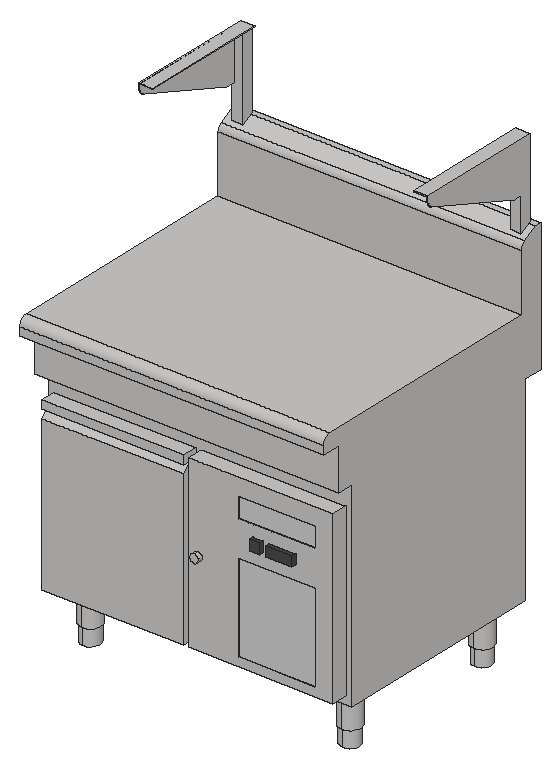
Revit family "QF_MOFFAT WALDORF_BT8900S-RB", category Specialty Equipment, Revit 2012
Parameters
  Weight in Pounds = 266.759  # constant formula
  Width [instance] = 900.00 mm  # constant formula
  Watts = 250 W
  Volts = 240 V
  URL Cutsheet = "www.moffat.com"
  URL = "www.moffat.com"
  Type Mark [instance] = ""
  Status [instance] = ""
  Specification by User [instance] = ""
  Specification by Manufacturer = ""
  Show Clearance [instance] = yes
  Show Casters [instance] = no
  Serial Number = ""
  Seismic Rating = ""
  SMACNA No = ""
  Revision Code [instance] = ""
  Refrigerant Type = "R134a"
  Phase = 1
  Omniclass Number and Title = ""
  Number of Poles = 1
  NAFEM Spec ID Number = ""
  Model = "BT8900S-RB"
  Min Ckt Ampacity = 0 A
  Max Overcurrent Protection = 0 A
  Masterspec = ""
  Manufacturer = "MOFFAT WALDORF"
  Legs [instance] = not(Show Casters)  # yes
  Item Number [instance] = ""
  Installed By [instance] = ""
  Identify Quantity as Lot [instance] = yes
  Height = 1130.00 mm  # constant formula
  HP = ""
  Furnished By [instance] = ""
  Foodservice Equipment Identifier [instance] = yes
  FL Amps = 1.8 A
  Elec Conn RI Height = 0.00 mm
  Elec Conn Connection Height = 0.00 mm
  Description = "BENCH TOP FOR SALAMANDER ON REFRIGERATED BASE"
  Depth [instance] = 805.00 mm  # constant formula
  Cycle = 50 Hz
  Conn Plug = ""
  Conn Conduit = yes
  CSI MasterFormat = ""
  CSI Master Format = ""
  Body Finish = QF_Finishes_Stainless Steel
  Back Splash [instance] = 215.00 mm  # constant formula
  Apparent Power = if(Phase = 3, Volts * FL Amps * 1.73, Volts * FL Amps)  # 432 VA
Reference planes
  plane 1 "BACK": y = 0
  plane 2: z = 0
  plane 3 "LEFT": x = 0
  plane 4 "RIGHT": x = 900
  plane 5 "FRONT": y = -805
  plane 6 "TOP": z = 1130
  plane 7 "Center Y": x = 450
  plane 8 "Center X": y = -402.5
  plane 9 "Base Height": z = 150
  plane 10: z = 915
  plane 11: x = 65
  plane 12: x = 834.938
  plane 13: y = -625
  plane 14: z = 420
  plane 15: y = -135
Forms (mm)
  Extrusion 1, solid, material "QF_Finishes_Stainless Steel" <- "Body Finish"
    sketch origin (0, 0, 0) x (0, 1, 0) y (0, 0, 1)
      loop
        line (-699, 740) -> (-699, 150) -> (-57, 150) -> (-57, 740) -> (0, 740) -> (0, 1130) -> (-16.5, 1130) -> (-58, 1106.04)
        arc (-58, 1106.04) -> (-66.785, 1097.255) -> (-70, 1085.255) r 24
        line (-70, 1085.255) -> (-70, 915) -> (-781, 915)
        arc (-781, 915) -> (-797.971, 907.971) -> (-805, 891) r 24
        line (-805, 891) -> (-805, 866) -> (-749, 866) -> (-749, 740) -> (-699, 740)
    from 0 to 900
  Revolve 2, solid, material "QF_Finishes_Stainless Steel" <- "Body Finish", visible <- "Legs"
    sketch origin (65, -200, 0) x (0, 1, 0) y (0, 0, 1)
      loop
        line (33.25, 150) -> (33.25, 50) -> (37.5, 50) -> (37.5, 0) -> (65, 0) -> (65, 150) -> (33.25, 150)
      axis (65, 150) -> (65, 0)
    angle from 0 to 360
  Revolve 3, solid, material "QF_Finishes_Stainless Steel" <- "Body Finish"
    sketch origin (65, -735, 0) x (0, 1, 0) y (0, 0, 1)
      loop
        line (78.25, 150) -> (78.25, 50) -> (82.5, 50) -> (82.5, 0) -> (110, 0) -> (110, 150) -> (78.25, 150)
      axis (110, 150) -> (110, 0)
    angle from 0 to 360
  Revolve 4, solid, material "QF_Finishes_Stainless Steel" <- "Body Finish", visible <- "Legs"
    sketch origin (834.938, -200, 0) x (0, 1, 0) y (0, 0, -1)
      loop
        line (33.25, -150) -> (65, -150) -> (65, 0) -> (37.5, 0) -> (37.5, -50) -> (33.25, -50) -> (33.25, -150)
      axis (65, -150) -> (65, 0)
    angle from 0 to 360
  Revolve 5, solid, material "QF_Finishes_Stainless Steel" <- "Body Finish"
    sketch origin (834.938, -735, 0) x (0, 1, 0) y (0, 0, -1)
      loop
        line (78.25, -150) -> (110, -150) -> (110, 0) -> (82.5, 0) -> (82.5, -50) -> (78.25, -50) -> (78.25, -150)
      axis (110, -150) -> (110, 0)
    angle from 0 to 360
  Extrusion 6, solid, material "QF_Finishes_Stainless Steel" <- "Body Finish"
    sketch origin (0, -70, 1085.255) x (0, 0, -1) y (1, 0, 0)
      loop
        line (400.255, 850) -> (400.255, 50) -> (842.755, 50) -> (842.755, 850) -> (400.255, 850)
      loop
        line (345.255, 0) -> (862.755, 0) -> (862.755, 900) -> (345.255, 900) -> (345.255, 0)
    from 0 to 629
  Extrusion 7, solid, material "QF_Finishes_Stainless Steel" <- "Body Finish"
    sketch origin (0, 0, 0) x (0, 1, 0) y (0, 0, 1)
      loop
        line (-747, 678) -> (-747, 653) -> (-722, 653) -> (-747, 628) -> (-747, 173.1) -> (-702.18, 173.1) -> (-702.18, 678) -> (-747, 678)
    from 19 to 439
  Extrusion 8, solid, material "QF_Finishes_Stainless Steel" <- "Body Finish"
    sketch origin (0, -699, 1085.255) x (0, 0, -1) y (1, 0, 0)
      loop
        line (408.155, 881) -> (408.155, 453) -> (912.155, 453) -> (912.155, 881) -> (408.155, 881)
      loop
        line (887.155, 831) -> (622.155, 831) -> (622.155, 601) -> (887.155, 601) -> (887.155, 831)
      loop
        line (458.155, 831) -> (458.155, 601) -> (518.155, 601) -> (518.155, 831) -> (458.155, 831)
    from 0 to 48
  Extrusion 9, solid, material "QF_Finishes_Vents"
    sketch origin (0, -699, 1085.255) x (0, 0, 1) y (1, 0, 0)
      loop
        line (-518.155, 601) -> (-458.155, 601) -> (-458.155, 831) -> (-518.155, 831) -> (-518.155, 601)
      loop
        line (-622.155, 601) -> (-622.155, 831) -> (-887.155, 831) -> (-887.155, 601) -> (-622.155, 601)
    from 0 to -44.529
  Extrusion 10, solid, material "QF_Finishes_Black"
    sketch origin (0, -747, 1085.255) x (0, 0, -1) y (1, 0, 0)
      loop
        line (552.615, 644.926) -> (582.615, 644.926) -> (582.615, 674.926) -> (552.615, 674.926) -> (552.615, 644.926)
      loop
        line (552.615, 692.503) -> (582.615, 692.503) -> (582.615, 770.815) -> (552.615, 770.815) -> (552.615, 692.503)
    from 0 to 12.7
  Extrusion 11, solid, material "QF_Finishes_Stainless Steel"
    sketch origin (0, -747, 1085.255) x (0, 0, -1) y (1, 0, 0)
      loop
        circle (661.385, 480.856) r 12.395
    from 0 to 12.7
  Extrusion 12, solid, material "QF_Finishes_Stainless Steel"
    sketch origin (-144.5, -57, 740) x (0, 0, -1) y (-1, 0, 0)
      loop
        circle (320, -762.653) r 10
    from 0 to 1.993
  Extrusion 13, solid, material "QF_Finishes_Stainless Steel" <- "Body Finish"
    sketch origin (0, 0, 0) x (0, 1, 0) y (0, 0, 1)
      loop
        line (-13, 1362.5) -> (-45, 1362.5) -> (-45, 1113.546) -> (-16.5, 1130) -> (-13, 1130) -> (-13, 1362.5)
    from 21.5 to 53.5
  Extrusion 14, solid, material "QF_Finishes_Stainless Steel" <- "Body Finish"
    sketch origin (0, 0, 0) x (0, 1, 0) y (0, 0, 1)
      loop
        line (-391, 1365) -> (-391, 1352.344)
        arc (-391, 1352.344) -> (-386.541, 1338.094) -> (-374.754, 1328.927) r 25
        line (-374.754, 1328.927) -> (-70, 1215) -> (-13, 1215) -> (-13, 1365) -> (-391, 1365)
    from 21.5 to 24.592
  Extrusion 15, solid, material "QF_Finishes_Stainless Steel" <- "Body Finish"
    sketch origin (0, -391, 1362.5) x (0, 1, 0) y (-1, 0, 0)
      loop
        line (378, -24.592) -> (0, -24.592) -> (0, -64) -> (378, -64) -> (378, -24.592)
    from 0 to 2.5
  Extrusion 16, solid, material "QF_Finishes_Stainless Steel" <- "Body Finish"
    sketch origin (900, 0, 0) x (0, -1, 0) y (0, 0, 1)
      loop
        line (13, 1362.5) -> (13, 1130) -> (16.5, 1130) -> (45, 1113.546) -> (45, 1362.5) -> (13, 1362.5)
    from 21.5 to 53.5
  Extrusion 17, solid, material "QF_Finishes_Stainless Steel" <- "Body Finish"
    sketch origin (900, 0, 0) x (0, -1, 0) y (0, 0, 1)
      loop
        line (391, 1365) -> (13, 1365) -> (13, 1215) -> (70, 1215) -> (374.754, 1328.927)
        arc (374.754, 1328.927) -> (386.541, 1338.094) -> (391, 1352.344) r 25
        line (391, 1352.344) -> (391, 1365)
    from 21.5 to 24.592
  Extrusion 18, solid, material "QF_Finishes_Stainless Steel" <- "Body Finish"
    sketch origin (900, -391, 1362.5) x (0, 1, 0) y (-1, 0, 0)
      loop
        line (378, 24.592) -> (378, 64) -> (0, 64) -> (0, 24.592) -> (378, 24.592)
    from 0 to 2.5
  Extrusion 19, solid, material "QF_Clearance", visible <- "Show Clearance", detail levels coarse
    sketch origin (0, -391, 1365) x (0, 1, 0) y (-1, 0, 0)
      loop
        line (378, -21.5) -> (0, -21.5) -> (0, -878.5) -> (378, -878.5) -> (378, -21.5)
    from 0 to 405
  Extrusion 20, solid, material "QF_Door-Drawer Clearances", visible <- "Show Clearance", detail levels coarse
    sketch origin (1.25, -697, 173.1) x (-1, 0, 0) y (0, 1, 0)
      loop
        line (-17.942, -52.459) -> (-437.942, -52.459)
        arc (-437.942, -52.459) -> (-314.926, -349.444) -> (-17.942, -472.459) r 420
        line (-17.942, -472.459) -> (-17.942, -52.459)
    from 0 to -504.9
Cuts and joins
  joined: Extrusion 1, Extrusion 6
  joined: Extrusion 13, Extrusion 14, Extrusion 15
  joined: Extrusion 16, Extrusion 17, Extrusion 18
Lines and regions (mm)
  Split face 1
    outline origin (900, -16.5, 1130) x (-1, 0, 0) y (0, -0.866025, -0.5)
      loop
        line (770.5, 3.416) -> (770.5, 35.816) -> (750.5, 35.816) -> (750.5, 3.416) -> (770.5, 3.416)
  Split face 2
    outline origin (900, -16.5, 1130) x (-1, 0, 0) y (0, -0.866025, -0.5)
      loop
        line (743.544, 3.416) -> (743.544, 35.816) -> (723.544, 35.816) -> (723.544, 3.416) -> (743.544, 3.416)
  Split face 3
    outline origin (900, -16.5, 1130) x (-1, 0, 0) y (0, -0.866025, -0.5)
      loop
        line (696.446, 3.416) -> (716.446, 3.416) -> (716.446, 35.816) -> (696.446, 35.816) -> (696.446, 3.416)
  Split face 4
    outline origin (900, -16.5, 1130) x (-1, 0, 0) y (0, -0.866025, -0.5)
      loop
        line (669.453, 35.816) -> (669.453, 3.416) -> (689.453, 3.416) -> (689.453, 35.816) -> (669.453, 35.816)
  Split face 5
    outline origin (900, -16.5, 1130) x (-1, 0, 0) y (0, -0.866025, -0.5)
      loop
        line (642.5, 35.816) -> (642.5, 3.416) -> (662.5, 3.416) -> (662.5, 35.816) -> (642.5, 35.816)
  Split face 6
    outline origin (900, -16.5, 1130) x (-1, 0, 0) y (0, -0.866025, -0.5)
      loop
        line (615.5, 35.816) -> (615.5, 3.416) -> (635.5, 3.416) -> (635.5, 35.816) -> (615.5, 35.816)
  Split face 7
    outline origin (900, -16.5, 1130) x (-1, 0, 0) y (0, -0.866025, -0.5)
      loop
        line (588.5, 35.816) -> (588.5, 3.416) -> (608.5, 3.416) -> (608.5, 35.816) -> (588.5, 35.816)
  Split face 8
    outline origin (900, -16.5, 1130) x (-1, 0, 0) y (0, -0.866025, -0.5)
      loop
        line (581.5, 35.816) -> (561.5, 35.816) -> (561.5, 3.416) -> (581.5, 3.416) -> (581.5, 35.816)
  Split face 9
    outline origin (900, -16.5, 1130) x (-1, 0, 0) y (0, -0.866025, -0.5)
      loop
        line (554.5, 3.416) -> (554.5, 35.816) -> (534.5, 35.816) -> (534.5, 3.416) -> (554.5, 3.416)
  Split face 10
    outline origin (900, -16.5, 1130) x (-1, 0, 0) y (0, -0.866025, -0.5)
      loop
        line (507.5, 35.816) -> (507.5, 3.416) -> (527.5, 3.416) -> (527.5, 35.816) -> (507.5, 35.816)
  Split face 11
    outline origin (900, -16.5, 1130) x (-1, 0, 0) y (0, -0.866025, -0.5)
      loop
        line (480.5, 35.816) -> (480.5, 3.416) -> (500.5, 3.416) -> (500.5, 35.816) -> (480.5, 35.816)
  Split face 12
    outline origin (900, -16.5, 1130) x (-1, 0, 0) y (0, -0.866025, -0.5)
      loop
        line (453.5, 35.816) -> (453.5, 3.416) -> (473.5, 3.416) -> (473.5, 35.816) -> (453.5, 35.816)
  Split face 13
    outline origin (900, -16.5, 1130) x (-1, 0, 0) y (0, -0.866025, -0.5)
      loop
        line (426.5, 3.416) -> (446.5, 3.416) -> (446.5, 35.816) -> (426.5, 35.816) -> (426.5, 3.416)
  Split face 14
    outline origin (900, -16.5, 1130) x (-1, 0, 0) y (0, -0.866025, -0.5)
      loop
        line (399.5, 3.416) -> (419.5, 3.416) -> (419.5, 35.816) -> (399.5, 35.816) -> (399.5, 3.416)
  Split face 15
    outline origin (900, -16.5, 1130) x (-1, 0, 0) y (0, -0.866025, -0.5)
      loop
        line (372.5, 3.416) -> (392.5, 3.416) -> (392.5, 35.816) -> (372.5, 35.816) -> (372.5, 3.416)
  Split face 16
    outline origin (900, -16.5, 1130) x (-1, 0, 0) y (0, -0.866025, -0.5)
      loop
        line (345.5, 35.816) -> (345.5, 3.416) -> (365.5, 3.416) -> (365.5, 35.816) -> (345.5, 35.816)
  Split face 17
    outline origin (900, -16.5, 1130) x (-1, 0, 0) y (0, -0.866025, -0.5)
      loop
        line (338.5, 35.816) -> (318.5, 35.816) -> (318.5, 3.416) -> (338.5, 3.416) -> (338.5, 35.816)
  Split face 18
    outline origin (900, -16.5, 1130) x (-1, 0, 0) y (0, -0.866025, -0.5)
      loop
        line (291.5, 3.416) -> (311.5, 3.416) -> (311.5, 35.816) -> (291.5, 35.816) -> (291.5, 3.416)
  Split face 19
    outline origin (900, -16.5, 1130) x (-1, 0, 0) y (0, -0.866025, -0.5)
      loop
        line (264.5, 3.416) -> (284.5, 3.416) -> (284.5, 35.816) -> (264.5, 35.816) -> (264.5, 3.416)
  Split face 20
    outline origin (900, -16.5, 1130) x (-1, 0, 0) y (0, -0.866025, -0.5)
      loop
        line (257.5, 3.416) -> (257.5, 35.816) -> (237.5, 35.816) -> (237.5, 3.416) -> (257.5, 3.416)
  Split face 21
    outline origin (900, -16.5, 1130) x (-1, 0, 0) y (0, -0.866025, -0.5)
      loop
        line (230.5, 35.816) -> (210.5, 35.816) -> (210.5, 3.416) -> (230.5, 3.416) -> (230.5, 35.816)
  Split face 22
    outline origin (900, -16.5, 1130) x (-1, 0, 0) y (0, -0.866025, -0.5)
      loop
        line (183.5, 35.816) -> (183.5, 3.416) -> (203.5, 3.416) -> (203.5, 35.816) -> (183.5, 35.816)
  Split face 23
    outline origin (900, -16.5, 1130) x (-1, 0, 0) y (0, -0.866025, -0.5)
      loop
        line (176.5, 35.816) -> (156.5, 35.816) -> (156.5, 3.416) -> (176.5, 3.416) -> (176.5, 35.816)
  Split face 24
    outline origin (900, -16.5, 1130) x (-1, 0, 0) y (0, -0.866025, -0.5)
      loop
        line (129.5, 35.816) -> (129.5, 3.416) -> (149.5, 3.416) -> (149.5, 35.816) -> (129.5, 35.816)
  symbolic lines
    curve 1: line (0, 0, 0) -> (0, -805, 0)
    curve 2: line (900, 0, 0) -> (0, 0, 0)
    curve 3: line (900, -805, 0) -> (900, 0, 0)
    curve 4: line (0, -70, 0) -> (21.5, -70, 0)
    curve 5: line (0, -805, 0) -> (900, -805, 0)
    curve 6: line (129.5, -50.642, 0) -> (129.5, -22.583, 0)
    curve 7: line (129.5, -22.583, 0) -> (149.5, -22.583, 0)
    curve 8: line (149.5, -22.583, 0) -> (149.5, -50.642, 0)
    curve 9: line (149.5, -50.642, 0) -> (129.5, -50.642, 0)
    curve 10: line (156.456, -50.642, 0) -> (156.456, -22.583, 0)
    curve 11: line (156.456, -22.583, 0) -> (176.456, -22.583, 0)
    curve 12: line (176.456, -22.583, 0) -> (176.456, -50.642, 0)
    curve 13: line (176.456, -50.642, 0) -> (156.456, -50.642, 0)
    curve 14: line (183.554, -50.642, 0) -> (183.554, -22.583, 0)
    curve 15: line (183.554, -22.583, 0) -> (203.554, -22.583, 0)
    curve 16: line (203.554, -22.583, 0) -> (203.554, -50.642, 0)
    curve 17: line (203.554, -50.642, 0) -> (183.554, -50.642, 0)
    curve 18: line (210.547, -50.642, 0) -> (210.547, -22.583, 0)
    curve 19: line (210.547, -22.583, 0) -> (230.547, -22.583, 0)
    curve 20: line (230.547, -22.583, 0) -> (230.547, -50.642, 0)
    curve 21: line (230.547, -50.642, 0) -> (210.547, -50.642, 0)
    curve 22: line (237.5, -50.642, 0) -> (237.5, -22.583, 0)
    curve 23: line (237.5, -22.583, 0) -> (257.5, -22.583, 0)
    curve 24: line (257.5, -22.583, 0) -> (257.5, -50.642, 0)
    curve 25: line (257.5, -50.642, 0) -> (237.5, -50.642, 0)
    curve 26: line (264.5, -50.642, 0) -> (264.5, -22.583, 0)
    curve 27: line (264.5, -22.583, 0) -> (284.5, -22.583, 0)
    curve 28: line (284.5, -22.583, 0) -> (284.5, -50.642, 0)
    curve 29: line (284.5, -50.642, 0) -> (264.5, -50.642, 0)
    curve 30: line (291.5, -50.642, 0) -> (291.5, -22.583, 0)
    curve 31: line (291.5, -22.583, 0) -> (311.5, -22.583, 0)
    curve 32: line (311.5, -22.583, 0) -> (311.5, -50.642, 0)
    curve 33: line (311.5, -50.642, 0) -> (291.5, -50.642, 0)
    curve 34: line (318.5, -50.642, 0) -> (318.5, -22.583, 0)
    curve 35: line (318.5, -22.583, 0) -> (338.5, -22.583, 0)
    curve 36: line (338.5, -22.583, 0) -> (338.5, -50.642, 0)
    curve 37: line (338.5, -50.642, 0) -> (318.5, -50.642, 0)
    curve 38: line (345.5, -50.642, 0) -> (345.5, -22.583, 0)
    curve 39: line (345.5, -22.583, 0) -> (365.5, -22.583, 0)
    curve 40: line (365.5, -22.583, 0) -> (365.5, -50.642, 0)
    curve 41: line (365.5, -50.642, 0) -> (345.5, -50.642, 0)
    curve 42: line (372.5, -50.642, 0) -> (372.5, -22.583, 0)
    curve 43: line (372.5, -22.583, 0) -> (392.5, -22.583, 0)
    curve 44: line (392.5, -22.583, 0) -> (392.5, -50.642, 0)
    curve 45: line (392.5, -50.642, 0) -> (372.5, -50.642, 0)
    curve 46: line (399.5, -50.642, 0) -> (399.5, -22.583, 0)
    curve 47: line (399.5, -22.583, 0) -> (419.5, -22.583, 0)
    curve 48: line (419.5, -22.583, 0) -> (419.5, -50.642, 0)
    curve 49: line (419.5, -50.642, 0) -> (399.5, -50.642, 0)
    curve 50: line (426.5, -50.642, 0) -> (426.5, -22.583, 0)
    curve 51: line (426.5, -22.583, 0) -> (446.5, -22.583, 0)
    curve 52: line (446.5, -22.583, 0) -> (446.5, -50.642, 0)
    curve 53: line (446.5, -50.642, 0) -> (426.5, -50.642, 0)
    curve 54: line (453.5, -50.642, 0) -> (453.5, -22.583, 0)
    curve 55: line (453.5, -22.583, 0) -> (473.5, -22.583, 0)
    curve 56: line (473.5, -22.583, 0) -> (473.5, -50.642, 0)
    curve 57: line (473.5, -50.642, 0) -> (453.5, -50.642, 0)
    curve 58: line (480.5, -50.642, 0) -> (480.5, -22.583, 0)
    curve 59: line (480.5, -22.583, 0) -> (500.5, -22.583, 0)
    curve 60: line (500.5, -22.583, 0) -> (500.5, -50.642, 0)
    curve 61: line (500.5, -50.642, 0) -> (480.5, -50.642, 0)
    curve 62: line (507.5, -50.642, 0) -> (507.5, -22.583, 0)
    curve 63: line (507.5, -22.583, 0) -> (527.5, -22.583, 0)
    curve 64: line (527.5, -22.583, 0) -> (527.5, -50.642, 0)
    curve 65: line (527.5, -50.642, 0) -> (507.5, -50.642, 0)
    curve 66: line (534.5, -50.642, 0) -> (534.5, -22.583, 0)
    curve 67: line (534.5, -22.583, 0) -> (554.5, -22.583, 0)
    curve 68: line (554.5, -22.583, 0) -> (554.5, -50.642, 0)
    curve 69: line (554.5, -50.642, 0) -> (534.5, -50.642, 0)
    curve 70: line (561.5, -50.642, 0) -> (561.5, -22.583, 0)
    curve 71: line (561.5, -22.583, 0) -> (581.5, -22.583, 0)
    curve 72: line (581.5, -22.583, 0) -> (581.5, -50.642, 0)
    curve 73: line (581.5, -50.642, 0) -> (561.5, -50.642, 0)
    curve 74: line (588.5, -50.642, 0) -> (588.5, -22.583, 0)
    curve 75: line (588.5, -22.583, 0) -> (608.5, -22.583, 0)
    curve 76: line (608.5, -22.583, 0) -> (608.5, -50.642, 0)
    curve 77: line (608.5, -50.642, 0) -> (588.5, -50.642, 0)
    curve 78: line (615.5, -50.642, 0) -> (615.5, -22.583, 0)
    curve 79: line (615.5, -22.583, 0) -> (635.5, -22.583, 0)
    curve 80: line (635.5, -22.583, 0) -> (635.5, -50.642, 0)
    curve 81: line (635.5, -50.642, 0) -> (615.5, -50.642, 0)
    curve 82: line (642.5, -50.642, 0) -> (642.5, -22.583, 0)
    curve 83: line (642.5, -22.583, 0) -> (662.5, -22.583, 0)
    curve 84: line (662.5, -22.583, 0) -> (662.5, -50.642, 0)
    curve 85: line (662.5, -50.642, 0) -> (642.5, -50.642, 0)
    curve 86: line (669.5, -50.642, 0) -> (669.5, -22.583, 0)
    curve 87: line (669.5, -22.583, 0) -> (689.5, -22.583, 0)
    curve 88: line (689.5, -22.583, 0) -> (689.5, -50.642, 0)
    curve 89: line (689.5, -50.642, 0) -> (669.5, -50.642, 0)
    curve 90: line (696.5, -50.642, 0) -> (696.5, -22.583, 0)
    curve 91: line (696.5, -22.583, 0) -> (716.5, -22.583, 0)
    curve 92: line (716.5, -22.583, 0) -> (716.5, -50.642, 0)
    curve 93: line (716.5, -50.642, 0) -> (696.5, -50.642, 0)
    curve 94: line (723.5, -50.642, 0) -> (723.5, -22.583, 0)
    curve 95: line (723.5, -22.583, 0) -> (743.5, -22.583, 0)
    curve 96: line (743.5, -22.583, 0) -> (743.5, -50.642, 0)
    curve 97: line (743.5, -50.642, 0) -> (723.5, -50.642, 0)
    curve 98: line (750.5, -50.642, 0) -> (750.5, -22.583, 0)
    curve 99: line (750.5, -22.583, 0) -> (770.5, -22.583, 0)
    curve 100: line (770.5, -22.583, 0) -> (770.5, -50.642, 0)
    curve 101: line (770.5, -50.642, 0) -> (750.5, -50.642, 0)
    curve 102: line (21.5, -391, 0) -> (64, -391, 0)
    curve 103: line (21.5, -13, 0) -> (21.5, -391, 0)
    curve 104: line (64, -391, 0) -> (64, -13, 0)
    curve 105: line (64, -13, 0) -> (21.5, -13, 0)
    curve 106: line (878.5, -391, 0) -> (836, -391, 0)
    curve 107: line (878.5, -13, 0) -> (878.5, -391, 0)
    curve 108: line (836, -391, 0) -> (836, -13, 0)
    curve 109: line (836, -13, 0) -> (878.5, -13, 0)
    curve 114: line (64, -70, 0) -> (836, -70, 0)
    curve 115: line (878.5, -70, 0) -> (900, -70, 0)
  symbolic lines, style "QF_Clearances", visible <- "Show Clearance"
    curve 110: line (878.5, -13, 0) -> (21.5, -13, 0)
    curve 111: line (21.5, -13, 0) -> (21.5, -391, 0)
    curve 112: line (21.5, -391, 0) -> (878.5, -391, 0)
    curve 113: line (878.5, -391, 0) -> (878.5, -13, 0)
  symbolic lines, style "QF_Door-Drawer Clearances"
    curve 116: line (74.732, -805, 0) -> (316.176, -1046.444, 0)
    curve 117: arc (435.503, -805, 0) -> (395.717, -935.546, 0) -> (316.176, -1046.444, 0) r 420
Dimensions and locks
  equal spacing: plane 3 "LEFT", plane 7 "Center Y", plane 4 "RIGHT"
  "Width": plane 3 "LEFT" to plane 4 "RIGHT"
  equal spacing: plane 5 "FRONT", plane 8 "Center X", plane 1 "BACK"
  "Depth": plane 5 "FRONT" to plane 1 "BACK"
  locked: plane 10 to level at 915
  locked: plane 9 "Base Height" to level at 150
  plane 6 "TOP" to plane 10 = 215.00 mm
  plane 12 to plane 11 = 769.938 mm
  "Height": plane 6 "TOP" to level
  Extrusion 19 to level = 1770.00 mm
  plane 13 to plane 15 = 490.00 mm
  aligned and locked: level to plane 2
Automatic sketch dimensions
  Extrusion 1 sketch curve to plane 5 "FRONT" = 0.00 mm
  Extrusion 1 sketch curve to plane 10 = 0.00 mm
  Extrusion 1 sketch curve to plane 9 "Base Height" = 0.00 mm
  Extrusion 1 sketch curve to plane 6 "TOP" = 0.00 mm
  Extrusion 1 sketch curve to plane 1 "BACK" = 0.00 mm
  Extrusion 1 sketch curve to plane 5 "FRONT" = 24.00 mm
  Extrusion 1 sketch curve to plane 5 "FRONT" = 56.00 mm
  Extrusion 1 sketch curve to plane 13 = 74.00 mm
  Extrusion 1 sketch curve to Extrusion 1 sketch curve = 12.00 mm  (x2)
  Extrusion 1 sketch curve to Extrusion 1 sketch curve = 16.50 mm
  Extrusion 1 sketch curve to plane 10 = 175.00 mm
  Extrusion 1 sketch curve to Extrusion 1 sketch curve = 151.00 mm
  Extrusion 1 sketch curve to Extrusion 1 sketch curve = 25.00 mm
  Extrusion 1 sketch curve to plane 6 "TOP" = 44.745 mm
  Revolve 2 sketch curve to plane 9 "Base Height" = 0.00 mm
  Revolve 2 sketch curve to level = 0.00 mm
  Revolve 2 sketch curve to Revolve 2 sketch curve = 27.50 mm  (x2)
  Revolve 2 sketch curve to Revolve 2 sketch curve = 31.75 mm
  Revolve 2 sketch curve to level = 55.00 mm
  Revolve 2 sketch curve to Revolve 2 sketch curve = 50.00 mm
  Revolve 2 sketch curve to Revolve 2 sketch curve = 0.00 mm
  Revolve 3 sketch curve to plane 9 "Base Height" = 0.00 mm
  Revolve 3 sketch curve to level = 0.00 mm
  Revolve 3 sketch curve to plane 13 = 0.00 mm  (x2)
  Revolve 3 sketch curve to plane 13 = 27.50 mm
  Revolve 3 sketch curve to Revolve 3 sketch curve = 31.75 mm
  Revolve 3 sketch curve to Revolve 3 sketch curve = 55.00 mm
  level to Revolve 3 sketch curve = 50.00 mm
  Revolve 3 sketch curve to Revolve 3 sketch curve = 0.00 mm
  Revolve 4 sketch curve to plane 9 "Base Height" = 0.00 mm
  Revolve 4 sketch curve to level = 0.00 mm
  Revolve 4 sketch curve to Revolve 4 sketch curve = 27.50 mm  (x2)
  Revolve 4 sketch curve to Revolve 4 sketch curve = 31.75 mm
  level to Revolve 4 sketch curve = 50.00 mm
  Revolve 4 sketch curve to Revolve 4 sketch curve = 0.00 mm
  Revolve 4 sketch curve to Revolve 4 sketch curve = 55.00 mm
  Revolve 5 sketch curve to plane 9 "Base Height" = 0.00 mm
  Revolve 5 sketch curve to level = 0.00 mm
  Revolve 5 sketch curve to plane 13 = 0.00 mm  (x2)
  Revolve 5 sketch curve to plane 13 = 27.50 mm
  Revolve 5 sketch curve to plane 13 = 31.75 mm
  level to Revolve 5 sketch curve = 50.00 mm
  Revolve 5 sketch curve to Revolve 5 sketch curve = 0.00 mm
  Revolve 5 sketch curve to Revolve 5 sketch curve = 55.00 mm
  Extrusion 6 sketch curve to plane 3 "LEFT" = 0.00 mm
  plane 4 "RIGHT" to Extrusion 6 sketch curve = 0.00 mm
  Extrusion 6 sketch curve to plane 10 = 175.00 mm
  Extrusion 6 sketch curve to plane 12 = 15.063 mm
  Extrusion 6 sketch curve to Extrusion 6 sketch curve = 55.00 mm
  plane 9 "Base Height" to Extrusion 6 sketch curve = 92.50 mm
  Extrusion 6 sketch curve to Extrusion 6 sketch curve = 20.00 mm
  Extrusion 6 sketch curve to plane 11 = 15.00 mm
  cut or joined group of Extrusion 1, Extrusion 6 to Split face 1 sketch curve = 3.416 mm
  Split face 1 sketch curve to cut or joined group of Extrusion 1, Extrusion 6 = 149.50 mm
  Split face 1 sketch curve to Split face 1 sketch curve = 20.00 mm
  Split face 1 sketch curve to cut or joined group of Extrusion 1, Extrusion 6 = 12.104 mm
  cut or joined group of Extrusion 1, Extrusion 6 to Split face 2 sketch curve = 3.416 mm
  Split face 2 sketch curve to cut or joined group of Extrusion 1, Extrusion 6 = 176.456 mm
  Split face 2 sketch curve to Split face 2 sketch curve = 20.00 mm
  Split face 2 sketch curve to cut or joined group of Extrusion 1, Extrusion 6 = 12.104 mm
  Split face 3 sketch curve to cut or joined group of Extrusion 1, Extrusion 6 = 12.104 mm
  Split face 3 sketch curve to cut or joined group of Extrusion 1, Extrusion 6 = 203.554 mm
  cut or joined group of Extrusion 1, Extrusion 6 to Split face 3 sketch curve = 3.416 mm
  Split face 3 sketch curve to Split face 3 sketch curve = 20.00 mm
  Split face 4 sketch curve to cut or joined group of Extrusion 1, Extrusion 6 = 12.104 mm
  Split face 4 sketch curve to cut or joined group of Extrusion 1, Extrusion 6 = 230.547 mm
  cut or joined group of Extrusion 1, Extrusion 6 to Split face 4 sketch curve = 3.416 mm
  Split face 4 sketch curve to Split face 4 sketch curve = 20.00 mm
  cut or joined group of Extrusion 1, Extrusion 6 to Split face 5 sketch curve = 3.416 mm
  Split face 5 sketch curve to cut or joined group of Extrusion 1, Extrusion 6 = 257.50 mm
  Split face 5 sketch curve to Split face 5 sketch curve = 20.00 mm
  Split face 5 sketch curve to cut or joined group of Extrusion 1, Extrusion 6 = 12.104 mm
  Split face 6 sketch curve to cut or joined group of Extrusion 1, Extrusion 6 = 12.104 mm
  Split face 6 sketch curve to cut or joined group of Extrusion 1, Extrusion 6 = 284.50 mm
  cut or joined group of Extrusion 1, Extrusion 6 to Split face 6 sketch curve = 3.416 mm
  Split face 6 sketch curve to Split face 6 sketch curve = 20.00 mm
  Split face 7 sketch curve to cut or joined group of Extrusion 1, Extrusion 6 = 12.104 mm
  Split face 7 sketch curve to cut or joined group of Extrusion 1, Extrusion 6 = 311.50 mm
  cut or joined group of Extrusion 1, Extrusion 6 to Split face 7 sketch curve = 3.416 mm
  Split face 7 sketch curve to Split face 7 sketch curve = 20.00 mm
  Split face 8 sketch curve to cut or joined group of Extrusion 1, Extrusion 6 = 12.104 mm
  Split face 8 sketch curve to cut or joined group of Extrusion 1, Extrusion 6 = 338.50 mm
  cut or joined group of Extrusion 1, Extrusion 6 to Split face 8 sketch curve = 3.416 mm
  Split face 8 sketch curve to Split face 8 sketch curve = 20.00 mm
  cut or joined group of Extrusion 1, Extrusion 6 to Split face 9 sketch curve = 3.416 mm
  Split face 9 sketch curve to cut or joined group of Extrusion 1, Extrusion 6 = 365.50 mm
  Split face 9 sketch curve to Split face 9 sketch curve = 20.00 mm
  Split face 9 sketch curve to cut or joined group of Extrusion 1, Extrusion 6 = 12.104 mm
  Split face 10 sketch curve to cut or joined group of Extrusion 1, Extrusion 6 = 12.104 mm
  Split face 10 sketch curve to cut or joined group of Extrusion 1, Extrusion 6 = 392.50 mm
  cut or joined group of Extrusion 1, Extrusion 6 to Split face 10 sketch curve = 3.416 mm
  Split face 10 sketch curve to Split face 10 sketch curve = 20.00 mm
  Split face 11 sketch curve to cut or joined group of Extrusion 1, Extrusion 6 = 12.104 mm
  Split face 11 sketch curve to cut or joined group of Extrusion 1, Extrusion 6 = 419.50 mm
  cut or joined group of Extrusion 1, Extrusion 6 to Split face 11 sketch curve = 3.416 mm
  Split face 11 sketch curve to Split face 11 sketch curve = 20.00 mm
  Split face 12 sketch curve to cut or joined group of Extrusion 1, Extrusion 6 = 12.104 mm
  Split face 12 sketch curve to cut or joined group of Extrusion 1, Extrusion 6 = 446.50 mm
  cut or joined group of Extrusion 1, Extrusion 6 to Split face 12 sketch curve = 3.416 mm
  Split face 12 sketch curve to Split face 12 sketch curve = 20.00 mm
  cut or joined group of Extrusion 1, Extrusion 6 to Split face 13 sketch curve = 3.416 mm
  Split face 13 sketch curve to cut or joined group of Extrusion 1, Extrusion 6 = 426.50 mm
  Split face 13 sketch curve to Split face 13 sketch curve = 20.00 mm
  Split face 13 sketch curve to cut or joined group of Extrusion 1, Extrusion 6 = 12.104 mm
  cut or joined group of Extrusion 1, Extrusion 6 to Split face 14 sketch curve = 3.416 mm
  Split face 14 sketch curve to cut or joined group of Extrusion 1, Extrusion 6 = 399.50 mm
  Split face 14 sketch curve to Split face 14 sketch curve = 20.00 mm
  Split face 14 sketch curve to cut or joined group of Extrusion 1, Extrusion 6 = 12.104 mm
  cut or joined group of Extrusion 1, Extrusion 6 to Split face 15 sketch curve = 3.416 mm
  Split face 15 sketch curve to cut or joined group of Extrusion 1, Extrusion 6 = 372.50 mm
  Split face 15 sketch curve to Split face 15 sketch curve = 20.00 mm
  Split face 15 sketch curve to cut or joined group of Extrusion 1, Extrusion 6 = 12.104 mm
  Split face 16 sketch curve to cut or joined group of Extrusion 1, Extrusion 6 = 12.104 mm
  Split face 16 sketch curve to cut or joined group of Extrusion 1, Extrusion 6 = 345.50 mm
  cut or joined group of Extrusion 1, Extrusion 6 to Split face 16 sketch curve = 3.416 mm
  Split face 16 sketch curve to Split face 16 sketch curve = 20.00 mm
  Split face 17 sketch curve to cut or joined group of Extrusion 1, Extrusion 6 = 12.104 mm
  Split face 17 sketch curve to cut or joined group of Extrusion 1, Extrusion 6 = 318.50 mm
  cut or joined group of Extrusion 1, Extrusion 6 to Split face 17 sketch curve = 3.416 mm
  Split face 17 sketch curve to Split face 17 sketch curve = 20.00 mm
  Split face 18 sketch curve to cut or joined group of Extrusion 1, Extrusion 6 = 12.104 mm
  Split face 18 sketch curve to cut or joined group of Extrusion 1, Extrusion 6 = 291.50 mm
  cut or joined group of Extrusion 1, Extrusion 6 to Split face 18 sketch curve = 3.416 mm
  Split face 18 sketch curve to Split face 18 sketch curve = 20.00 mm
  cut or joined group of Extrusion 1, Extrusion 6 to Split face 19 sketch curve = 3.416 mm
  Split face 19 sketch curve to cut or joined group of Extrusion 1, Extrusion 6 = 264.50 mm
  Split face 19 sketch curve to Split face 19 sketch curve = 20.00 mm
  Split face 19 sketch curve to cut or joined group of Extrusion 1, Extrusion 6 = 12.104 mm
  cut or joined group of Extrusion 1, Extrusion 6 to Split face 20 sketch curve = 3.416 mm
  Split face 20 sketch curve to cut or joined group of Extrusion 1, Extrusion 6 = 237.50 mm
  Split face 20 sketch curve to Split face 20 sketch curve = 20.00 mm
  Split face 20 sketch curve to cut or joined group of Extrusion 1, Extrusion 6 = 12.104 mm
  Split face 21 sketch curve to cut or joined group of Extrusion 1, Extrusion 6 = 12.104 mm
  Split face 21 sketch curve to cut or joined group of Extrusion 1, Extrusion 6 = 210.50 mm
  cut or joined group of Extrusion 1, Extrusion 6 to Split face 21 sketch curve = 3.416 mm
  Split face 21 sketch curve to Split face 21 sketch curve = 20.00 mm
  cut or joined group of Extrusion 1, Extrusion 6 to Split face 22 sketch curve = 3.416 mm
  Split face 22 sketch curve to cut or joined group of Extrusion 1, Extrusion 6 = 183.50 mm
  Split face 22 sketch curve to Split face 22 sketch curve = 20.00 mm
  Split face 22 sketch curve to cut or joined group of Extrusion 1, Extrusion 6 = 12.104 mm
  Split face 23 sketch curve to cut or joined group of Extrusion 1, Extrusion 6 = 12.104 mm
  Split face 23 sketch curve to cut or joined group of Extrusion 1, Extrusion 6 = 156.50 mm
  cut or joined group of Extrusion 1, Extrusion 6 to Split face 23 sketch curve = 3.416 mm
  Split face 23 sketch curve to Split face 23 sketch curve = 20.00 mm
  cut or joined group of Extrusion 1, Extrusion 6 to Split face 24 sketch curve = 3.416 mm
  Split face 24 sketch curve to cut or joined group of Extrusion 1, Extrusion 6 = 129.50 mm
  Split face 24 sketch curve to Split face 24 sketch curve = 20.00 mm
  Split face 24 sketch curve to cut or joined group of Extrusion 1, Extrusion 6 = 12.104 mm
  Extrusion 7 sketch curve to plane 5 "FRONT" = 58.00 mm  (x2)
  plane 9 "Base Height" to Extrusion 7 sketch curve = 23.10 mm
  Extrusion 7 sketch curve to Extrusion 7 sketch curve = 25.00 mm  (x3)
  Extrusion 7 sketch curve to Extrusion 7 sketch curve = 44.82 mm
  plane 14 to Extrusion 7 sketch curve = 208.00 mm
  Extrusion 6 to Extrusion 8 sketch curve = 7.90 mm
  Extrusion 6 to Extrusion 8 sketch curve = 57.90 mm
  Extrusion 8 sketch curve to Extrusion 8 sketch curve = 60.00 mm
  Extrusion 8 sketch curve to Extrusion 8 sketch curve = 104.00 mm
  Extrusion 6 to Extrusion 8 sketch curve = 24.40 mm
  Extrusion 8 sketch curve to Extrusion 6 = 19.00 mm
  Extrusion 6 to Extrusion 8 sketch curve = 49.40 mm
  Extrusion 6 to Extrusion 8 sketch curve = 19.00 mm  (x2)
  Extrusion 8 sketch curve to Extrusion 8 sketch curve = 230.00 mm
  Extrusion 8 sketch curve to Extrusion 8 sketch curve = 0.00 mm
  Extrusion 8 sketch curve to Extrusion 8 sketch curve = 148.00 mm
  Extrusion 9 sketch curve to Extrusion 8 = 0.00 mm  (x6)
  Extrusion 8 to Extrusion 9 sketch curve = 0.00 mm  (x2)
  Extrusion 10 sketch curve to Extrusion 8 = 34.46 mm  (x2)
  Extrusion 10 sketch curve to Extrusion 10 sketch curve = 30.00 mm  (x2)
  Extrusion 10 sketch curve to Extrusion 10 sketch curve = 0.00 mm
  Extrusion 8 to Extrusion 10 sketch curve = 43.926 mm
  Extrusion 10 sketch curve to Extrusion 10 sketch curve = 17.577 mm
  Extrusion 8 to Extrusion 10 sketch curve = 60.185 mm
  Extrusion 8 to Extrusion 11 sketch curve = 39.229 mm
  Extrusion 11 sketch curve to Extrusion 8 = 27.856 mm
  Extrusion 1 to Extrusion 12 sketch curve = 270.00 mm
  Extrusion 1 to Extrusion 12 sketch curve = 281.847 mm
  Extrusion 13 sketch curve to plane 6 "TOP" = 0.00 mm
  Extrusion 13 sketch curve to plane 6 "TOP" = 16.454 mm
  plane 1 "BACK" to Extrusion 13 sketch curve = 45.00 mm
  plane 1 "BACK" to Extrusion 13 sketch curve = 16.50 mm
  Extrusion 13 sketch curve to Extrusion 13 sketch curve = 3.50 mm
  plane 6 "TOP" to Extrusion 13 sketch curve = 232.50 mm
  plane 8 "Center X" to Extrusion 14 sketch curve = 11.50 mm
  plane 8 "Center X" to Extrusion 14 sketch curve = 27.746 mm
  Extrusion 14 sketch curve to Extrusion 14 sketch curve = 8.754 mm
  plane 1 "BACK" to Extrusion 14 sketch curve = 13.00 mm
  plane 6 "TOP" to Extrusion 14 sketch curve = 85.00 mm
  plane 6 "TOP" to Extrusion 14 sketch curve = 198.927 mm
  Extrusion 14 sketch curve to Extrusion 14 sketch curve = 12.656 mm
  Extrusion 13 to Extrusion 15 sketch curve = 0.00 mm
  Extrusion 13 to Extrusion 15 sketch curve = 3.092 mm
  Extrusion 13 to Extrusion 15 sketch curve = 346.00 mm
  Extrusion 15 sketch curve to Extrusion 13 = 10.50 mm
  Extrusion 18 sketch curve to Extrusion 16 = 0.00 mm
  Extrusion 16 to Extrusion 18 sketch curve = 3.092 mm
  Extrusion 16 to Extrusion 18 sketch curve = 346.00 mm
  Extrusion 18 sketch curve to Extrusion 16 = 10.50 mm
  Extrusion 16 sketch curve to plane 6 "TOP" = 0.00 mm
  plane 1 "BACK" to Extrusion 16 sketch curve = 13.00 mm
  Extrusion 16 sketch curve to Extrusion 16 sketch curve = 3.50 mm
  Extrusion 16 sketch curve to plane 6 "TOP" = 16.454 mm
  Extrusion 16 sketch curve to Extrusion 16 sketch curve = 28.50 mm
  Extrusion 16 sketch curve to Extrusion 16 sketch curve = 232.50 mm
  plane 1 "BACK" to Extrusion 17 sketch curve = 13.00 mm
  plane 8 "Center X" to Extrusion 17 sketch curve = 36.50 mm
  Extrusion 17 sketch curve to Extrusion 17 sketch curve = 8.754 mm
  plane 8 "Center X" to Extrusion 17 sketch curve = 11.50 mm
  plane 6 "TOP" to Extrusion 17 sketch curve = 85.00 mm
  plane 6 "TOP" to Extrusion 17 sketch curve = 198.927 mm
  Extrusion 17 sketch curve to Extrusion 17 sketch curve = 12.656 mm
  Extrusion 19 sketch curve to Extrusion 14 = 0.00 mm  (x2)
  Extrusion 19 sketch curve to Extrusion 14 = 853.908 mm
  Extrusion 14 to Extrusion 19 sketch curve = 0.00 mm
  Extrusion 7 to Extrusion 20 sketch curve = 0.192 mm
  Extrusion 20 sketch curve to Extrusion 7 = 0.192 mm
  Extrusion 7 to Extrusion 20 sketch curve = 2.459 mm
  plane 1 "BACK" to curve 1 = 0.00 mm
  curve 1 to plane 3 "LEFT" = 0.00 mm
  plane 5 "FRONT" to curve 117 = 0.00 mm
  curve 3 to plane 4 "RIGHT" = 0.00 mm
  plane 3 "LEFT" to curve 117 = 19.192 mm
  plane 3 "LEFT" to curve 4 = 21.50 mm
  curve 114 to plane 11 = 1.00 mm
  plane 11 to curve 116 = 9.732 mm
  plane 1 "BACK" to curve 7 = 22.583 mm
  plane 11 to curve 7 = 64.50 mm
  curve 6 to curve 8 = 20.00 mm
  curve 8 to curve 10 = 6.956 mm
  curve 10 to curve 13 = 20.00 mm
  curve 12 to curve 17 = 7.098 mm
  curve 14 to curve 15 = 20.00 mm
  curve 15 to curve 18 = 6.993 mm
  curve 18 to curve 20 = 20.00 mm
  curve 20 to curve 25 = 6.953 mm
  curve 22 to curve 23 = 20.00 mm
  curve 24 to curve 26 = 7.00 mm
  curve 26 to curve 27 = 20.00 mm
  curve 27 to curve 31 = 7.00 mm
  curve 30 to curve 32 = 20.00 mm
  curve 116 to plane 7 "Center Y" = 133.824 mm
  curve 31 to curve 34 = 7.00 mm
  curve 34 to curve 36 = 20.00 mm
  curve 35 to curve 38 = 7.00 mm
  curve 38 to curve 40 = 20.00 mm
  curve 40 to curve 42 = 7.00 mm
  curve 42 to curve 43 = 20.00 mm
  curve 43 to curve 46 = 7.00 mm
  curve 46 to curve 48 = 20.00 mm
  curve 48 to curve 53 = 7.00 mm
  curve 117 to plane 7 "Center Y" = 14.497 mm
  curve 53 to plane 7 "Center Y" = 3.50 mm
  plane 7 "Center Y" to curve 55 = 3.50 mm
  curve 54 to curve 55 = 20.00 mm
  curve 56 to curve 58 = 7.00 mm
  curve 58 to curve 61 = 20.00 mm
  curve 59 to curve 62 = 7.00 mm
  curve 62 to curve 64 = 20.00 mm
  curve 63 to curve 66 = 7.00 mm
  curve 66 to curve 69 = 20.00 mm
  curve 68 to curve 73 = 7.00 mm
  curve 70 to curve 73 = 20.00 mm
  curve 72 to curve 77 = 7.00 mm
  curve 74 to curve 77 = 20.00 mm
  curve 75 to curve 78 = 7.00 mm
  curve 78 to curve 80 = 20.00 mm
  curve 79 to curve 83 = 7.00 mm
  curve 82 to curve 85 = 20.00 mm
  curve 84 to curve 86 = 7.00 mm
  curve 86 to curve 89 = 20.00 mm
  curve 87 to curve 91 = 7.00 mm
  curve 90 to curve 93 = 20.00 mm
  curve 92 to curve 97 = 7.00 mm
  curve 94 to curve 95 = 20.00 mm
  curve 96 to curve 101 = 7.00 mm
  curve 98 to curve 100 = 20.00 mm
  curve 109 to plane 12 = 1.062 mm
  plane 4 "RIGHT" to curve 106 = 21.50 mm
  plane 5 "FRONT" to curve 117 = 241.444 mm
  plane 8 "Center X" to curve 112 = 11.50 mm
  curve 6 to curve 6 = 28.059 mm
  curve 8 to curve 13 = 0.00 mm
  curve 12 to curve 16 = 0.00 mm
  curve 16 to curve 18 = 0.00 mm  (x2)
  curve 20 to curve 22 = 0.00 mm  (x2)
  curve 24 to curve 26 = 0.00 mm  (x2)
  curve 97 to curve 98 = 0.00 mm
  curve 28 to curve 30 = 0.00 mm  (x2)
  curve 93 to curve 94 = 0.00 mm
  curve 32 to curve 34 = 0.00 mm  (x2)
  curve 89 to curve 90 = 0.00 mm
  curve 36 to curve 38 = 0.00 mm  (x2)
  curve 85 to curve 86 = 0.00 mm
  curve 40 to curve 42 = 0.00 mm  (x2)
  curve 81 to curve 82 = 0.00 mm
  curve 44 to curve 46 = 0.00 mm  (x2)
  curve 77 to curve 78 = 0.00 mm
  curve 48 to curve 50 = 0.00 mm  (x2)
  curve 73 to curve 74 = 0.00 mm
  curve 52 to curve 54 = 0.00 mm  (x2)
  curve 69 to curve 70 = 0.00 mm
  curve 56 to curve 58 = 0.00 mm  (x2)
  curve 60 to curve 65 = 0.00 mm
  plane 1 "BACK" to curve 62 = 22.583 mm
  curve 60 to curve 62 = 0.00 mm
  curve 63 to curve 66 = 0.00 mm
  curve 7 to curve 11 = 0.00 mm
  curve 67 to curve 70 = 0.00 mm
  curve 71 to curve 74 = 0.00 mm
  curve 75 to curve 78 = 0.00 mm
  curve 79 to curve 82 = 0.00 mm
  curve 83 to curve 86 = 0.00 mm
  curve 87 to curve 90 = 0.00 mm
  curve 91 to curve 94 = 0.00 mm
  curve 95 to curve 98 = 0.00 mm
  plane 1 "BACK" to curve 110 = 13.00 mm
  curve 4 to curve 103 = 57.00 mm
  curve 115 to curve 107 = 57.00 mm
  curve 114 to curve 115 = 0.00 mm
  curve 101 to curve 98 = 28.059 mm
  plane 1 "BACK" to Extrusion 1 sketch curve = 70.00 mm
  plane 1 "BACK" to Extrusion 1 sketch curve = 57.00 mm
  plane 1 "BACK" to Revolve 2 sketch curve = 166.75 mm
  plane 1 "BACK" to Revolve 4 sketch curve = 166.75 mm
  Extrusion 14 sketch curve to Extrusion 14 sketch curve = 57.00 mm
  Extrusion 17 sketch curve to Extrusion 17 sketch curve = 57.00 mm
  radius of Extrusion 11 sketch curve = 12.395 mm
  radius of Extrusion 12 sketch curve = 10.00 mm
Nested families
  nested 1: "BT8900S-RB-CASTERS" at (65, -135, 0), Show Casters <- "Show Casters", visible <- "Show Casters", type "BT8900S-RB-CASTERS"
    with Type Mark "", Status "", Specification by User "", Show Casters no, Revision Code "", Item Number "", Installed By "", Identify Quantity as Lot yes, Furnished By "", Foodservice Equipment Identifier yes
  nested 2: "BT8900S-RB-CASTERS" at (835, -135, 0), Show Casters <- "Show Casters", visible <- "Show Casters", type "BT8900S-RB-CASTERS"
    with Type Mark "", Status "", Specification by User "", Show Casters no, Revision Code "", Item Number "", Installed By "", Identify Quantity as Lot yes, Furnished By "", Foodservice Equipment Identifier yes
Connectors
  electrical at (618.153, -55.007, 420), driven by "Volts", driven by "Watts"
    settings: on Extrusion 12, index 1, voltage 240 V, apparent load 250 VA, apparent load phase1 0 VA, apparent load phase2 0 VA, apparent load phase3 0 VA, power factor 1, load classification "Other", number of poles 1, system type 30, power factor state 1, is connector primary yes, connector utility no, sub classification motor no, connector description "ELECTRICAL CONNECTION"
Definition of nested family "BT8900S-RB-CASTERS"
  Parameters (values of type "BT8900-CB-CASTERS")
    Weight = ""
    URL Manufacturer = ""
    URL Cutsheet = ""
    URL = ""
    Type Mark [instance] = ""
    Status [instance] = ""
    Specification by User [instance] = ""
    Specification by Manufacturer = ""
    Show Casters [instance] = no
    Serial Number = ""
    Seismic Rating = ""
    SMACNA No = ""
    Revision Code [instance] = ""
    Omniclass Number and Title = ""
    NAFEM Spec ID Number = ""
    Model = ""
    MasterSpec. = ""
    Manufacturer = ""
    Item Number [instance] = ""
    Installed By [instance] = ""
    Identify Quantity as Lot [instance] = yes
    Furnished By [instance] = ""
    Foodservice Equipment Identifier [instance] = yes
    Description = ""
    CSI MasterFormat = ""
    CSI Master Format = ""
    Assembly Code = ""
  Reference planes
    plane 1: z = 0
    plane 2 "RIGHT": x = 0
    plane 3 "FRONT": y = 0
    plane 4 "TOP": z = 150
  Forms (mm)
    Revolve 1, solid, material "QF_Finishes_Stainless Steel", visible <- "Show Casters"
      sketch origin (0, 56.335, 0) x (0, 1, 0) y (0, 0, 1)
        loop
          line (-56.335, 150) -> (-56.335, 141.118) -> (-23.798, 141.118) -> (-23.798, 150) -> (-56.335, 150)
        axis (-56.335, 141.118) -> (-56.335, 150)
      angle from 0 to 360
    Extrusion 2, solid, material "QF_Finishes_Stainless Steel", visible <- "Show Casters"
      sketch origin (-46.049, 56.335, 0) x (0, 1, 0) y (0, 0, 1)
        loop
          line (-85.799, 141.118) -> (-85.799, 133.498) -> (-82.136, 133.498)
          arc (-82.136, 133.498) -> (-79.344, 132.328) -> (-77.146, 130.248) r 8.432
          line (-77.146, 130.248) -> (-39.502, 49.52)
          arc (-39.502, 49.52) -> (-13.784, 46.107) -> (-5.673, 70.75) r 20.32
          arc (-5.673, 70.75) -> (-7.065, 73.611) -> (-8.887, 76.22) r 20.32
          arc (-8.887, 76.22) -> (-9.399, 85.377) -> (-6.626, 94.119) r 25.4
          line (-6.626, 94.119) -> (8.003, 121.632)
          arc (8.003, 121.632) -> (-2.347, 126.31) -> (-13.34, 129.167) r 66.802
          line (-13.34, 129.167) -> (-13.765, 133.498) -> (-26.871, 133.498) -> (-26.871, 141.118) -> (-85.799, 141.118)
      from 20.058 to 22.923
    Extrusion 3, solid, material "QF_Finishes_Stainless Steel", visible <- "Show Casters"
      sketch origin (3.326, 56.335, 0) x (0, 1, 0) y (0, 0, 1)
        loop
          line (-85.799, 141.118) -> (-85.799, 133.498) -> (-82.136, 133.498)
          arc (-82.136, 133.498) -> (-79.344, 132.328) -> (-77.146, 130.248) r 8.432
          line (-77.146, 130.248) -> (-39.502, 49.52)
          arc (-39.502, 49.52) -> (-13.784, 46.107) -> (-5.673, 70.75) r 20.32
          arc (-5.673, 70.75) -> (-7.065, 73.611) -> (-8.887, 76.22) r 20.32
          arc (-8.887, 76.22) -> (-9.399, 85.377) -> (-6.626, 94.119) r 25.4
          line (-6.626, 94.119) -> (8.003, 121.632)
          arc (8.003, 121.632) -> (-2.347, 126.31) -> (-13.34, 129.167) r 66.802
          line (-13.34, 129.167) -> (-13.765, 133.498) -> (-26.871, 133.498) -> (-26.871, 141.118) -> (-85.799, 141.118)
      from 20.058 to 22.923
    Extrusion 4, solid, material "QF_Finishes_Stainless Steel", visible <- "Show Casters"
      sketch origin (-49.224, 56.335, 0) x (0, 1, 0) y (0, 0, 1)
        loop
          line (-85.799, 141.118) -> (-85.799, 133.498) -> (-82.136, 133.498) -> (-18.877, 127.964) -> (7.14, 120.01) -> (8.003, 121.632)
          arc (8.003, 121.632) -> (-2.347, 126.31) -> (-13.34, 129.167) r 66.802
          line (-13.34, 129.167) -> (-13.765, 133.498) -> (-26.871, 133.498) -> (-26.871, 141.118) -> (-85.799, 141.118)
      from 26.098 to 72.56
    Revolve 5, solid, material "QF_Finishes_Stainless Steel", visible <- "Show Casters"
      sketch origin (-49.224, 30.821, 0) x (1, 0, 0) y (0, 0, 1)
        loop
          line (14.841, 63.604) -> (83.584, 63.604) -> (83.584, 67.109) -> (82.314, 68.379) -> (80.79, 68.379) -> (80.79, 71.826) -> (68.644, 71.826) -> (68.644, 81.79) -> (65.088, 83.843) -> (61.683, 104.879) -> (65.881, 104.879) -> (65.881, 111.229) -> (65.088, 111.229) -> (65.088, 117.579)
          arc (65.088, 117.579) -> (62.298, 124.314) -> (55.563, 127.104) r 9.525
          line (55.563, 127.104) -> (42.863, 127.104)
          arc (42.863, 127.104) -> (36.127, 124.314) -> (33.338, 117.579) r 9.525
          line (33.338, 117.579) -> (33.338, 111.229) -> (32.544, 111.229) -> (32.544, 104.879) -> (36.742, 104.879) -> (33.352, 83.932) -> (29.782, 81.871) -> (29.782, 71.826) -> (17.635, 71.826) -> (17.635, 68.379) -> (16.111, 68.379) -> (14.841, 67.109) -> (14.841, 63.604)
        axis (14.841, 63.604) -> (83.584, 63.604)
      angle from 0 to 360
  Cuts and joins
    joined: Extrusion 2, Extrusion 3, Extrusion 4
  Lines and regions (mm)
    symbolic lines, style "SpecialityEquipmentHiddenLines", visible <- "Show Casters"
      curve 1: line (18.009, 67.053, 0) -> (45.595, 51.127, 0)
      curve 2: line (-45.491, -42.932, 0) -> (18.009, 67.053, 0)
      curve 3: line (-17.905, -58.859, 0) -> (-45.491, -42.932, 0)
      curve 4: line (45.595, 51.127, 0) -> (-17.905, -58.859, 0)
  Dimensions and locks
    plane 4 "TOP" to level = 150.00 mm  (x2)
    Revolve 5 sketch curve to Revolve 5 sketch curve = 63.50 mm
    aligned and locked: level to plane 1
